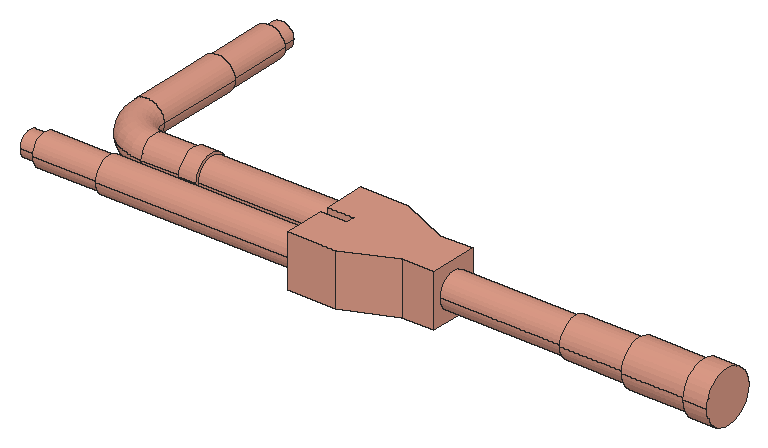
Revit family "outputfile", category 配管付属品, Revit 2024
Family settings
  丸型コネクタ寸法 = 半径を使用
  パーツ タイプ = 標準
  OmniClass 番号 = 23.65.55.00
  OmniClass タイトル = Distribution of Supplied Liquids/Gases
  作業面ベース = いいえ
  常に垂直 = はい
  ロード時にボイドで切り取り = いいえ
  共有 = いいえ
Parameters (values of type "BHFP22MA56")
  Description = ""
  製造元 = "Daikin"
  書き出し IFC クラス(タイプ) = "IfcPipeFittingType"
  Default Elevation = 0.0 mm
  定義済み IFC タイプ(タイプ) = "JUNCTION"
  Cost = 0
  モデル = "BHFP22MA56"
  Type Comments = ""
  Keynote = ""
  Type Image = (empty or 0)
  Assembly Code = ""
  table_PipeToCU_B [instance] = if(mm⇔inch, "Multi Module Kit_BHFP22MA-_Liquid_PipeToCU_B", "Multi Module Kit_BHFP22MA-_Liquid_PipeToCU_B_inch")  # "Multi Module Kit_BHFP22MA-_Liquid_PipeToCU_B"
  table_PipeToCU_A [instance] = if(mm⇔inch, "Multi Module Kit_BHFP22MA-_Liquid_PipeToCU_A", "Multi Module Kit_BHFP22MA-_Liquid_PipeToCU_A_inch")  # "Multi Module Kit_BHFP22MA-_Liquid_PipeToCU_A"
  table_ToMainPipe [instance] = if(mm⇔inch, "Multi Module Kit_BHFP22MA-_Liquid_ToMainPipe", "Multi Module Kit_BHFP22MA-_Liquid_ToMainPipe_inch")  # "Multi Module Kit_BHFP22MA-_Liquid_ToMainPipe"
  switch_ToMainPipe3 [instance] = if(number_ToMainPipe < 3, 1 = 0, 1 = 1)  # yes
  switch_PipeToCU_B Reducer [instance] = if(and(Is_PipeToCU_B Reducer = 1, judge_IsOffsetPipe_ToOutdoorUnitB = 0), 1 = 1, 1 = 0)  # no
  switch_PipeToCU_B4 [instance] = if(number_PipeToCU_B < 4, 1 = 0, 1 = 1)  # no
  switch_PipeToCU_B3 [instance] = if(number_PipeToCU_B < 3, 1 = 0, 1 = 1)  # no
  switch_PipeToCU_B2 [instance] = if(number_PipeToCU_B < 2, 1 = 0, 1 = 1)  # yes
  switch_PipeToCU_A Reducer [instance] = if(Is_PipeToCU_A Reducer = 1, 1 = 1, 1 = 0)  # yes
  switch_ToMainPipe Reducer [instance] = if(Is_ToMainPipe Reducer = 1, 1 = 1, 1 = 0)  # no
  switch_ToMainPipe2 [instance] = if(number_ToMainPipe < 2, 1 = 0, 1 = 1)  # yes
  r_PipeToCU_B_ActualDiameter [instance] = PipeToCU_B_Liquid_ActualDiameter / 2  # 4.75 mm
  r_PipeToCU_A_ActualDiameter [instance] = PipeToCU_A_Liquid_ActualDiameter / 2  # 4.75 mm
  r_ToMainPipe_ActualDiameter [instance] = ToMainPipe_Liquid_ActualDiameter / 2  # 11.1 mm
  number_PipeToCU_B ReducerPipe [instance] = size_lookup(table_PipeToCU_B, "reducerPipeNumber", 0, モデル, judge_IsOffsetPipe_ToOutdoorUnitB, PipeToCU_B_Liquid_ActualDiameter)  # 0
  number_PipeToCU_B [instance] = size_lookup(table_PipeToCU_B, "pipeNumber", 2, モデル, judge_IsOffsetPipe_ToOutdoorUnitB, PipeToCU_B_Liquid_ActualDiameter)  # 2
  number_PipeToCU_A ReducerPipe [instance] = size_lookup(table_PipeToCU_A, "reducerPipeNumber", 3, モデル, PipeToCU_A_Liquid_ActualDiameter)  # 3
  number_ToMainPipe [instance] = size_lookup(table_ToMainPipe, "pipeNumber", 3, モデル, ToMainPipe_Liquid_ActualDiameter)  # 3
  mm⇔inch [instance] = yes
  l_ToMainPipe3 [instance] = size_lookup(table_ToMainPipe, "L_Pipe3", 11.0 mm, モデル)  # 11.0 mm
  judge_IsOffsetPipe_ToOutdoorUnitB [instance] = 0  # constant formula
  Unit Type = "BHFP22MA-_Liquid"
  Uniclass2015Version = "Products v1.31"
  Uniclass2015Title = "Copper pipe fittings"
  Uniclass2015Code = "Pr_65_52_63_18"
  URL = ""
  ToMainPipe_Liquid_Status [instance] = size_lookup(table_ToMainPipe, "Information", "The connected pipe size is not available.", モデル, ToMainPipe_Liquid_ActualDiameter)  # "Default connector size is used."
  ToMainPipe_Liquid_ActualDiameter [instance] = 22.2 mm
  Tag No. [instance] = ""
  Series = "Multi Module kit"
  PipeToCU_B_Liquid_Status [instance] = size_lookup(table_PipeToCU_B, "Information", "The connected pipe size is not available.", モデル, judge_IsOffsetPipe_ToOutdoorUnitB, PipeToCU_B_Liquid_ActualDiameter)  # "Default connector size is used."
  PipeToCU_B_Liquid_ActualDiameter [instance] = 9.5 mm
  PipeToCU_A_Liquid_Status [instance] = size_lookup(table_PipeToCU_A, "Information", "The connected pipe size is not available.", モデル, PipeToCU_A_Liquid_ActualDiameter)  # "Reducer is used at connector."
  PipeToCU_A_Liquid_ActualDiameter [instance] = 9.5 mm
  O.D_PipeToCU_B Reducer [instance] = size_lookup(table_PipeToCU_B, "O.D_reducer", 2.0 mm, モデル, judge_IsOffsetPipe_ToOutdoorUnitB, PipeToCU_B_Liquid_ActualDiameter)  # 2.0 mm
  Material_Piping = DAIKIN_Copper_Pipe
  Material_Insulation = DAIKIN_White_Insulation
  location_PipeToCU_A connector [instance] = size_lookup(table_PipeToCU_A, "Locationconnector", 107.0 mm, モデル, PipeToCU_A_Liquid_ActualDiameter)  # 107.0 mm
  l_PipeToCU_B connector [instance] = size_lookup(table_PipeToCU_B, "Length", 128.0 mm, モデル, judge_IsOffsetPipe_ToOutdoorUnitB, PipeToCU_B_Liquid_ActualDiameter)  # 128.0 mm
  l_PipeToCU_B Reducer [instance] = 80.0 mm  # constant formula
  l_PipeToCU_B4 [instance] = size_lookup(table_PipeToCU_B, "L_Pipe4", 2.0 mm, モデル)  # 2.0 mm
  l_PipeToCU_B3 [instance] = size_lookup(table_PipeToCU_B, "L_Pipe3", 2.0 mm, モデル)  # 2.0 mm
  l_PipeToCU_B2 [instance] = size_lookup(table_PipeToCU_B, "L_Pipe2", 7.0 mm, モデル)  # 7.0 mm
  l_PipeToCU_B1 [instance] = size_lookup(table_PipeToCU_B, "L_Pipe1", 30.0 mm, モデル)  # 30.0 mm
  l_PipeToCU_B0 [instance] = size_lookup(table_PipeToCU_B, "L_Pipe0", 91.0 mm, モデル)  # 91.0 mm
  l_PipeToCU_A connector [instance] = size_lookup(table_PipeToCU_A, "Length", 97.0 mm, モデル, PipeToCU_A_Liquid_ActualDiameter)  # 97.0 mm
  l_PipeToCU_A1 [instance] = size_lookup(table_PipeToCU_A, "L_Pipe1", 8.0 mm, モデル)  # 8.0 mm
  l_PipeToCU_A0 [instance] = size_lookup(table_PipeToCU_A, "L_Pipe0", 62.0 mm, モデル)  # 62.0 mm
  l_ToMainPipe connector [instance] = size_lookup(table_ToMainPipe, "Length", 128.0 mm, モデル, ToMainPipe_Liquid_ActualDiameter)  # 128.0 mm
  l_ToMainPipe Reducer [instance] = size_lookup(table_ToMainPipe, "L_Reducer", 2.0 mm, モデル, ToMainPipe_Liquid_ActualDiameter)  # 2.0 mm
  l_ToMainPipe2 [instance] = size_lookup(table_ToMainPipe, "L_Pipe2", 30.0 mm, モデル)  # 30.0 mm
  l_ToMainPipe1 [instance] = size_lookup(table_ToMainPipe, "L_Pipe1", 30.0 mm, モデル)  # 30.0 mm
  l_ToMainPipe0 [instance] = size_lookup(table_ToMainPipe, "L_Pipe0", 57.0 mm, モデル)  # 57.0 mm
  judge_JointType(1or2) = 2
  count_PipeToCU_B Reducer [instance] = 0  # constant formula
  count_PipeToCU_A Reducer [instance] = size_lookup(table_PipeToCU_A, "reducerCount", 1, モデル, PipeToCU_A_Liquid_ActualDiameter)  # 1
  angle_PipeToCU_A Pipe [instance] = if([RotateBranchPipetoCU_A_-90°], 270.00°, 0.00°)  # 0.00°
  angle_PipeToCU_A Connector [instance] = angle_PipeToCU_A Pipe + 90.00°  # 90.00°
  PipeToCU_B_Liquid_AvailableDiameter [instance] = size_lookup(table_PipeToCU_B, "sizeVariation", "", モデル, judge_IsOffsetPipe_ToOutdoorUnitB)  # "9.5/12.7mm"
  PipeToCU_A_Liquid_AvailableDiameter [instance] = size_lookup(table_PipeToCU_A, "sizeVariation", "", モデル)  # "9.5/12.7mm"
  ToMainPipe_Liquid_AvailableDiameter [instance] = size_lookup(table_ToMainPipe, "sizeVariation", "", モデル)  # "15.9/19.1/22.2mm"
  RotateBranchPipetoCU_A_-90° [instance] = no
  O.D_ToMainPipe Reducer [instance] = size_lookup(table_ToMainPipe, "O.D_reducer", 2.0 mm, モデル, ToMainPipe_Liquid_ActualDiameter)  # 2.0 mm
  Link_Nested Family [instance] = ""
  Is_PipeToCU_B Reducer [instance] = size_lookup(table_PipeToCU_B, "IsReducer", 0, モデル, judge_IsOffsetPipe_ToOutdoorUnitB, PipeToCU_B_Liquid_ActualDiameter)  # 0
  Is_PipeToCU_A Reducer [instance] = size_lookup(table_PipeToCU_A, "IsReducer", 1, モデル, PipeToCU_A_Liquid_ActualDiameter)  # 1
  Is_ToMainPipe Reducer [instance] = size_lookup(table_ToMainPipe, "IsReducer", 0, モデル, ToMainPipe_Liquid_ActualDiameter)  # 0
  IfcVersion = ""
  IfcExportType = "JUNCTION"
  IfcExportAs = "IfcPipeFittingType"
  I.D_ToMainPipe3 [instance] = size_lookup(table_ToMainPipe, "I.D_PipeSize3", 22.2 mm, モデル)  # 22.2 mm
  I.D_PipeToCU_B Reducer [instance] = size_lookup(table_PipeToCU_B, "I.D_reducer", 2.0 mm, モデル, judge_IsOffsetPipe_ToOutdoorUnitB, PipeToCU_B_Liquid_ActualDiameter)  # 2.0 mm
  Attach_Insulation [instance] = no
  I.D_PipeToCU_B4 [instance] = size_lookup(table_PipeToCU_B, "I.D_PipeSize4", 2.0 mm, モデル)  # 2.0 mm
  I.D_PipeToCU_B3 [instance] = size_lookup(table_PipeToCU_B, "I.D_PipeSize3", 2.0 mm, モデル)  # 2.0 mm
  I.D_PipeToCU_B2 [instance] = size_lookup(table_PipeToCU_B, "I.D_PipeSize2", 9.5 mm, モデル)  # 9.5 mm
  I.D_PipeToCU_B1 [instance] = size_lookup(table_PipeToCU_B, "I.D_PipeSize1", 12.7 mm, モデル)  # 12.7 mm
  I.D_PipeToCU_B0 [instance] = size_lookup(table_PipeToCU_B, "I.D_PipeSize0", 13.9 mm, モデル)  # 13.9 mm
  I.D_PipeToCU_A1 [instance] = 15.5 mm  # constant formula
  I.D_PipeToCU_A0 [instance] = 13.9 mm  # constant formula
  I.D_ToMainPipe Reducer [instance] = size_lookup(table_ToMainPipe, "I.D_reducer", 2.0 mm, モデル, ToMainPipe_Liquid_ActualDiameter)  # 2.0 mm
  I.D_ToMainPipe2 [instance] = size_lookup(table_ToMainPipe, "I.D_PipeSize2", 19.1 mm, モデル)  # 19.1 mm
  I.D_ToMainPipe1 [instance] = size_lookup(table_ToMainPipe, "I.D_PipeSize1", 15.9 mm, モデル)  # 15.9 mm
  I.D_ToMainPipe0 [instance] = size_lookup(table_ToMainPipe, "I.D_PipeSize0", 13.9 mm, モデル)  # 13.9 mm
Reference planes
  plane 1 "Center (Front/Back)": y = 0
  plane 2: z = 0
  plane 3 "pipe2": x = 225.65
  plane 4: x = 195.65
  plane 5: x = 165.65
  plane 6: x = 108.65
  plane 7: x = 48.65
  plane 8: x = -21.35
  plane 9: x = -42.35
  plane 10: x = -72.35
  plane 11: x = -79.35
  plane 12: x = -81.35
  plane 13: x = -83.35
  plane 14 "offset_center": y = 11.5
  plane 15: y = -11.5
  plane 16: x = -13.35
  plane 17: x = 158.65
  plane 18 "ToMainPipe_connector": x = 236.65
  plane 19 "connector_OutdoorunitA": x = -58.35
  plane 20 "connector_ToOutdoorUnitB": x = -104.35
  plane 21 "pipe3": x = 236.65
  plane 22 "connector_PipeToCU_B": x = -79.35
Forms (mm)
  Extrusion 1, solid, material "DAIKIN_Copper_Pipe" <- "Material_Piping"
    sketch origin (0, 0, 0) x (1, 0, 0) y (0, 1, 0)
      loop
        line (48.65, 1.998) -> (60.65, 1.998) -> (60.65, -1.998) -> (48.65, -1.998) -> (48.65, -21.2) -> (70.801, -21.2) -> (93.65, -11.3) -> (108.65, -11.3) -> (108.65, 11.3) -> (93.65, 11.3) -> (70.801, 21.2) -> (48.65, 21.2) -> (48.65, 1.998)
    from -12.2 to 12.2
Dimensions and locks
  locked: plane 6 to plane 17 at 50
  "l_PipeToCU_A1": plane 8 to plane 16
  "l_PipeToCU_B1": plane 10 to plane 9
  "l_PipeToCU_B2": plane 11 to plane 10
  "l_PipeToCU_B3": plane 12 to plane 11
  "l_PipeToCU_B4": plane 13 to plane 12
  locked: plane 7 to plane 6 at 60
  "l_ToMainPipe1": plane 5 to plane 4
  "l_ToMainPipe2": plane 4 to plane 3 "pipe2"
  "l_ToMainPipe0": plane 6 to plane 5
  "l_ToMainPipe connector": plane 6 to plane 18 "ToMainPipe_connector"
  plane 14 "offset_center" to plane 1 "Center (Front/Back)" to plane 15 = 11.5 mm locked, 11.5 mm locked
  locked: plane 1 "Center (Front/Back)" to Extrusion 1 sketch curve at 11.3  (x2)
  locked: Extrusion 1 sketch curve to plane 1 "Center (Front/Back)" at 21.2
  locked: plane 1 "Center (Front/Back)" to Extrusion 1 sketch curve at 21.2
  "l_PipeToCU_A0": plane 16 to plane 7
  "location_PipeToCU_A connector": plane 19 "connector_OutdoorunitA" to plane 7
  "l_PipeToCU_B0": plane 9 to plane 7
  "l_ToMainPipe3": plane 3 "pipe2" to plane 21 "pipe3"
  "l_PipeToCU_B connector": plane 22 "connector_PipeToCU_B" to plane 7
  aligned and locked: level to plane 2
  aligned and locked: plane 2 to nested 1
  aligned and locked: plane 1 "Center (Front/Back)" to nested 1
  aligned and locked: plane 3 "pipe2" to nested 1
  aligned and locked: plane 4 to nested 1
  aligned and locked: plane 4 to nested 2
  aligned and locked: plane 5 to nested 2
  aligned and locked: plane 5 to nested 3
  aligned and locked: plane 6 to nested 3
  aligned and locked: plane 6 to Extrusion 1
  aligned and locked: Extrusion 1 to plane 7  (x2)
  aligned and locked: plane 7 to nested 4
  aligned and locked: plane 8 to nested 5
  aligned and locked: plane 16 to nested 5
  aligned and locked: nested 5 to plane 14 "offset_center"
  aligned and locked: nested 6 to plane 15
  aligned and locked: plane 7 to nested 6
  aligned and locked: plane 9 to nested 6
  aligned and locked: plane 10 to nested 7
  aligned and locked: plane 9 to nested 7
  aligned and locked: plane 11 to nested 8
  aligned and locked: plane 10 to nested 8
  aligned and locked: plane 12 to nested 9
  aligned and locked: plane 11 to nested 9
  aligned and locked: plane 13 to nested 10
  aligned and locked: plane 12 to nested 10
  aligned and locked: nested 10 to plane 15
  aligned and locked: nested 9 to plane 15
  aligned and locked: nested 8 to plane 15
  aligned and locked: nested 7 to plane 15
  aligned and locked: plane 1 "Center (Front/Back)" to nested 11
  aligned and locked: plane 17 to nested 11
  aligned and locked: plane 16 to nested 4
  aligned and locked: nested 12 to plane 14 "offset_center"
  aligned and locked: plane 8 to nested 12
  aligned and locked: plane 1 "Center (Front/Back)" to nested 13
  aligned and locked: plane 18 "ToMainPipe_connector" to nested 13
  aligned and locked: plane 6 to nested 14
  aligned and locked: plane 1 "Center (Front/Back)" to nested 3
  aligned and locked: plane 14 "offset_center" to nested 15
  aligned and locked: nested 15 to plane 19 "connector_OutdoorunitA"
  aligned and locked: nested 16 to plane 7
  aligned and locked: nested 4 to plane 14 "offset_center"
  aligned and locked: plane 3 "pipe2" to nested 17
  aligned and locked: plane 21 "pipe3" to nested 17
  aligned and locked: nested 16 to plane 15
  aligned and locked: nested 18 to plane 22 "connector_PipeToCU_B"
  aligned and locked: plane 15 to nested 18
Automatic sketch dimensions
  Extrusion 1 sketch curve to plane 7 = 0.0 mm  (x2)
  Extrusion 1 sketch curve to plane 6 = 0.0 mm
  Extrusion 1 sketch curve to plane 1 "Center (Front/Back)" = 1.998 mm
  plane 7 to Extrusion 1 sketch curve = 12.0 mm
  Extrusion 1 sketch curve to Extrusion 1 sketch curve = 10.151 mm  (x2)
  Extrusion 1 sketch curve to Extrusion 1 sketch curve = 15.0 mm  (x2)
  plane 1 "Center (Front/Back)" to Extrusion 1 sketch curve = 1.998 mm
Nested families
  nested 1: "daikin_Pipe" at (210.65, 0, 0), I.D_Pipe <- "I.D_ToMainPipe2", display <- "switch_ToMainPipe2", type "*"
    with length_Pipe 30.0 mm, display yes, O.D_Pipe 21.1 mm, I.D_Pipe 19.1 mm
  nested 2: "daikin_Pipe" at (180.65, 0, 0), I.D_Pipe <- "I.D_ToMainPipe1", type "*"
    with length_Pipe 30.0 mm, display yes, O.D_Pipe 17.9 mm, I.D_Pipe 15.9 mm
  nested 3: "daikin_Pipe" at (137.15, 0, 0), I.D_Pipe <- "I.D_ToMainPipe0", type "*"
    with length_Pipe 57.0 mm, display yes, O.D_Pipe 15.9 mm, I.D_Pipe 13.9 mm
  nested 4: "daikin_Pipe" at (17.65, 11.5, 0), I.D_Pipe <- "I.D_PipeToCU_A0", type "*"
    with length_Pipe 62.0 mm, display yes, O.D_Pipe 15.9 mm, I.D_Pipe 13.9 mm
  nested 5: "daikin_Pipe" at (-17.35, 11.5, 0), I.D_Pipe <- "I.D_PipeToCU_A1", type "*"
    with length_Pipe 8.0 mm, display yes, O.D_Pipe 17.5 mm, I.D_Pipe 15.5 mm
  nested 6: "daikin_Pipe" at (3.15, -11.5, 0), I.D_Pipe <- "I.D_PipeToCU_B0", type "*"
    with length_Pipe 91.0 mm, display yes, O.D_Pipe 15.9 mm, I.D_Pipe 13.9 mm
  nested 7: "daikin_Pipe" at (-57.35, -11.5, 0), I.D_Pipe <- "I.D_PipeToCU_B1", type "*"
    with length_Pipe 30.0 mm, display yes, O.D_Pipe 14.7 mm, I.D_Pipe 12.7 mm
  nested 8: "daikin_Pipe" at (-75.85, -11.5, 0), I.D_Pipe <- "I.D_PipeToCU_B2", display <- "switch_PipeToCU_B2", type "*"
    with length_Pipe 7.0 mm, display yes, O.D_Pipe 11.5 mm, I.D_Pipe 9.5 mm
  nested 9: "daikin_Pipe" at (-80.35, -11.5, 0), display <- "switch_PipeToCU_B3", I.D_Pipe <- "I.D_PipeToCU_B3", visible <- "switch_PipeToCU_B3", type "*"
    with length_Pipe 2.0 mm, display no, O.D_Pipe 4.0 mm, I.D_Pipe 2.0 mm
  nested 10: "daikin_Pipe" at (-82.35, -11.5, 0), display <- "switch_PipeToCU_B4", I.D_Pipe <- "I.D_PipeToCU_B4", visible <- "switch_PipeToCU_B4", type "*"
    with length_Pipe 2.0 mm, display no, O.D_Pipe 4.0 mm, I.D_Pipe 2.0 mm
  nested 11: "daikin_MultiModeluKit_Insulation" at (158.65, 0, 0), display <- "Attach_Insulation", type "*"
    with h 54.2 mm, display no, I.D_Outlet PipeSize 22.2 mm
  nested 12: "daikin_Multi Module kit_Reducer90_rotate" at (-21.35, 11.5, 0), number_reducerPipe <- "number_PipeToCU_A ReducerPipe", angle_Pipe <- "angle_PipeToCU_A Pipe", I.D_Pipe <- "PipeToCU_A_Liquid_ActualDiameter", count_Reducer <- "count_PipeToCU_A Reducer", type "*"
    with number_reducerPipe 3, display_Pipe2 yes, display_Pipe1 yes, count_Reducer 1, angle_Pipe 0.00°, I.D_Pipe 9.5 mm
  nested 13: "daikin_Pipe_reducer" at (235.65, 0, 0), I.D_Pipe1 <- "I.D_ToMainPipe Reducer", O.D_Pipe2 <- "O.D_ToMainPipe Reducer", length_Pipe <- "l_ToMainPipe Reducer", display <- "switch_ToMainPipe Reducer", type "*"
    with length_Pipe 2.0 mm, display no, O.D_Pipe2 2.0 mm, O.D_Pipe1 4.0 mm, I.D_Pipe2 0.0 mm, I.D_Pipe1 2.0 mm
  nested 14: "daikin_connector_rotate3" at (108.65, 0, 0) x (0, 1, 0) z (0, 0, 1), length <- "l_ToMainPipe connector", type "daikin_connector_rotate3"
    with radius 10.0 mm, length 128.0 mm, angle_vertical 90.00°, angle_horizontal 0.00°
  nested 15: "daikin_connector_rotate3" at (-58.35, 11.5, 0) x (-1, 0, 0) z (0, 0, 1), length <- "l_PipeToCU_A connector", angle_vertical <- "angle_PipeToCU_A Connector", type "daikin_connector_rotate3"
    with radius 10.0 mm, length 97.0 mm, angle_vertical 90.00°, angle_horizontal 0.00°
  nested 16: "daikin_connector_rotate3" at (48.65, -11.5, 0) x (0, -1, 0) z (0, 0, 1), length <- "l_PipeToCU_B connector", type "daikin_connector_rotate3"
    with radius 10.0 mm, length 128.0 mm, angle_vertical 90.00°, angle_horizontal 0.00°
  nested 17: "daikin_Pipe" at (231.15, 0, 0), display <- "switch_ToMainPipe3", I.D_Pipe <- "I.D_ToMainPipe3", type "*"
    with length_Pipe 11.0 mm, display yes, O.D_Pipe 24.2 mm, I.D_Pipe 22.2 mm
  nested 18: "daikin_Pipe_reducer" at (-39.35, -11.5, 0) x (-1, 0, 0) z (0, 0, 1), length_Pipe <- "l_PipeToCU_B Reducer", I.D_Pipe1 <- "I.D_PipeToCU_B Reducer", O.D_Pipe2 <- "O.D_PipeToCU_B Reducer", display <- "switch_PipeToCU_B Reducer", type "*"
    with length_Pipe 80.0 mm, display no, O.D_Pipe2 2.0 mm, O.D_Pipe1 4.0 mm, I.D_Pipe2 0.0 mm, I.D_Pipe1 2.0 mm
Connectors
  piping at (236.65, 0, 0), diameter 22.2, driven by "r_ToMainPipe_ActualDiameter"
    settings: on nested 14, index 1, connector inside diameter 609.6 mm, connector length 0.0 mm, flow factor 0, pipe flow 0.00 m³/h, pressure drop 0.0 Pa, fitting loss kfactor 0, connector angle 0.00°, fixture units 0, engagement length 0.0 mm, angle of deflection 0.00°, flow configuration 0, flow direction 2, fitting loss method 0, system type 29, joint type 0, gender type 0, connector reference index -1, connector utility 0, adjustable connector no, is connector primary yes, connector description "Multi Module kit_to Main Pipe_Liquid"
  piping at (-58.35, 108.5, 0), diameter 9.5, driven by "r_PipeToCU_A_ActualDiameter"
    settings: on nested 15, index 2, connector inside diameter 609.6 mm, connector length 0.0 mm, flow factor 0, pipe flow 0.00 m³/h, pressure drop 0.0 Pa, fitting loss kfactor 0, connector angle 0.00°, fixture units 0, engagement length 0.0 mm, angle of deflection 0.00°, flow configuration 0, flow direction 1, fitting loss method 0, system type 29, joint type 0, gender type 0, connector reference index -1, connector utility 0, adjustable connector no, is connector primary no, connector description "Multi Module kit_Piping to CU-A_Liquid"
  piping at (-79.35, -11.5, 0), diameter 9.5, driven by "r_PipeToCU_B_ActualDiameter"
    settings: on nested 16, index 3, connector inside diameter 609.6 mm, connector length 0.0 mm, flow factor 0, pipe flow 0.00 m³/h, pressure drop 0.0 Pa, fitting loss kfactor 0, connector angle 0.00°, fixture units 0, engagement length 0.0 mm, angle of deflection 0.00°, flow configuration 0, flow direction 1, fitting loss method 0, system type 29, joint type 0, gender type 0, connector reference index -1, connector utility 0, adjustable connector no, is connector primary no, connector description "Multi Module kit_Piping to CU-B_Liquid"
Definition of nested family "daikin_Pipe"
  Parameters (values of type "*")
    Default Elevation = 0.0 mm
    material = none
    length_Pipe [instance] = 150.0 mm
    display [instance] = yes
    O.D_Pipe [instance] = I.D_Pipe + 2.0 mm  # 27.0 mm
    I.D_Pipe [instance] = 25.0 mm
  Reference planes
    plane 1 "Center (Front/Back)": y = 0
    plane 2 "center(vertical)": z = 0
    plane 3 "Center (Left/Right)": x = 0
    plane 4 "left": x = -75
    plane 5 "right": x = 75
  Forms (mm)
    Extrusion 1, solid, material <- "material", visible <- "display"
      sketch origin (0, 0, 0) x (0, 1, 0) y (0, 0, 1)
        loop
          circle (0, 0) r 13.5
      from -75 to 75
  Dimensions and locks
    equal spacing: plane 4 "left", plane 3 "Center (Left/Right)", plane 5 "right"
    "length_Pipe": plane 4 "left" to plane 5 "right"
    "O.D_Pipe": diameter of Extrusion 1 sketch curve
    aligned and locked: level to plane 2 "center(vertical)"
    aligned and locked: plane 2 "center(vertical)" to Extrusion 1 sketch curve
    aligned and locked: plane 1 "Center (Front/Back)" to Extrusion 1 sketch curve
    aligned and locked: plane 5 "right" to Extrusion 1
    aligned and locked: Extrusion 1 to plane 4 "left"
Definition of nested family "daikin_Multi Module kit_Reducer90_rotate"
  Parameters (values of type "*")
    Default Elevation = 0.0 mm
    number_reducerPipe [instance] = 4
    material_Pipe = none
    display_Pipe2 [instance] = if(number_reducerPipe < 3, 1 = 0, 1 = 1)  # yes
    display_Pipe1 [instance] = if(number_reducerPipe < 2, 1 = 0, 1 = 1)  # yes
    count_Reducer [instance] = 0
    angle_Pipe [instance] = 30.00°
    I.D_Pipe [instance] = 0.0 mm
  Reference planes
    plane 1 "Center (Front/Back)": y = 0
    plane 2: z = 0
    plane 3 "Center (Left/Right)": x = 0
  Dimensions and locks
    "angle_Pipe": angle plane 2 to nested 1
    aligned and locked: level to plane 2
  Nested families
    nested 1: "daikin_Multi Module kit_Reducer90" at (0, 0, 0) x (1, 0, 0) z (0, -0.5, 0.866), display_Pipe2 <- "display_Pipe2", display_Pipe1 <- "display_Pipe1", I.D_connector <- "I.D_Pipe", count_Reducer <- "count_Reducer", type "*"
      with display_Reducer no, display_Pipe2 yes, display_Pipe1 yes, count_Reducer 0, I.D_connector 0.0 mm
  Definition of nested family "daikin_Multi Module kit_Reducer90"
    Parameters (values of type "*")
      Default Elevation = 0.0 mm
      material_Pipe = none
      display_Reducer [instance] = and(I.D_connector = 19.1 mm, count_Reducer = 2)  # no
      display_Pipe2 [instance] = yes
      display_Pipe1 [instance] = yes
      count_Reducer [instance] = 0
      O.D_Pipe2 = 9.5 mm + 2.0 mm  # 11.5 mm
      O.D_Pipe1 = 12.7 mm + 2.0 mm  # 14.7 mm
      O.D_Pipe0 = 15.9 mm  # constant formula
      I.D_connector [instance] = 0.0 mm
    Reference planes
      plane 1 "Center (Front/Back)": y = 0
      plane 2 "center_vertical": z = 0
      plane 3 "Center (Left/Right)": x = 0
      plane 4 "center_toOutdoor": x = -37
      plane 5: y = 60
      plane 6: y = 90
      plane 7: y = 97
    Forms (mm)
      Sweep 1, solid, material <- "material_Pipe"
        path origin (0, 0, 0) x (1, 0, 0) y (0, 1, 0)
          loop
            line (0, 0) -> (-18.241, 0)
            arc (-18.241, 0) -> (-31.506, 5.494) -> (-37, 18.759) r 18.759
            line (-37, 18.759) -> (-37, 60)
        profile origin (-9.12, 0, 0) x (0, -1, 0) y (0, 0, 1)
          loop
            circle (0, 0) r 7.95
      Extrusion 2, solid, material <- "material_Pipe", visible <- "display_Pipe1"
        sketch origin (0, 0, 0) x (1, 0, 0) y (0, 0, 1)
          loop
            circle (-37, 0) r 7.35
        from -90 to -60
      Extrusion 3, solid, material <- "material_Pipe", visible <- "display_Pipe2"
        sketch origin (75, -2.05, 0) x (1, 0, 0) y (0, 0, 1)
          loop
            circle (-112, 0) r 5.75
        from -99.05 to -92.05
    Lines and regions (mm)
      reference lines
        curve 1: line (0, 0, 0) -> (-37, 0, 0)
    Dimensions and locks
      plane 1 "Center (Front/Back)" to plane 5 = 60.0 mm
      plane 6 to plane 5 = 30.0 mm
      plane 7 to plane 6 = 7.0 mm
      plane 4 "center_toOutdoor" to plane 3 "Center (Left/Right)" = 37.0 mm
      "O.D_Pipe2": diameter of Extrusion 3 sketch curve
      "O.D_Pipe0": diameter of Sweep 1 sketch curve
      "O.D_Pipe1": diameter of Extrusion 2 sketch curve
      aligned and locked: level to plane 2 "center_vertical"
      aligned and locked: plane 6 to Extrusion 2
      aligned and locked: Extrusion 2 to plane 5
      aligned and locked: Extrusion 3 to plane 6
      aligned and locked: Sweep 1 sketch curve to plane 1 "Center (Front/Back)"
      aligned and locked: plane 3 "Center (Left/Right)" to curve 1
      aligned and locked: curve 1 to plane 1 "Center (Front/Back)"
      aligned and locked: plane 7 to Extrusion 3
      aligned and locked: plane 6 to nested 1
      aligned and locked: plane 4 "center_toOutdoor" to nested 1
    Automatic sketch dimensions
      Sweep 1 sketch curve to plane 4 "center_toOutdoor" = 0.0 mm
      Sweep 1 sketch curve to plane 3 "Center (Left/Right)" = 0.0 mm
      Sweep 1 sketch curve to plane 5 = 0.0 mm
      Sweep 1 sketch curve to plane 3 "Center (Left/Right)" = 18.241 mm
      curve 1 to plane 4 "center_toOutdoor" = 0.0 mm
      Sweep 1 sketch curve to level = 0.0 mm
      Sweep 1 sketch curve to profile plane = 0.0 mm
      Extrusion 2 sketch curve to level = 0.0 mm
      Extrusion 2 sketch curve to plane 4 "center_toOutdoor" = 0.0 mm
      Extrusion 3 sketch curve to level = 0.0 mm
      Extrusion 3 sketch curve to plane 4 "center_toOutdoor" = 0.0 mm
    Nested families
      nested 1: "daikin_Pipe_reducer" at (-37, 130, 0) x (0, 1, 0) z (0, 0, 1), display <- "display_Reducer", type "*"
        with length_Pipe 80.0 mm, display no, O.D_Pipe2 12.7 mm, O.D_Pipe1 21.1 mm, I.D_Pipe2 10.7 mm, I.D_Pipe1 19.1 mm
    Definition of nested family "daikin_Pipe_reducer"
      Parameters (values of type "*")
        Default Elevation = 0.0 mm
        material = none
        length_Pipe [instance] = 250.0 mm
        display [instance] = yes
        O.D_Pipe2 [instance] = 19.1 mm
        O.D_Pipe1 [instance] = I.D_Pipe1 + 2.0 mm  # 24.2 mm
        I.D_Pipe2 [instance] = O.D_Pipe2 - 2.0 mm  # 17.1 mm
        I.D_Pipe1 [instance] = 22.2 mm
      Reference planes
        plane 1 "Center (Front/Back)": y = 0
        plane 2 "center(vertical)": z = 0
        plane 3 "Center (Left/Right)": x = 0
        plane 4 "connection": x = -125
        plane 5 "right": x = 113
        plane 6: x = 125
      Forms (mm)
        Extrusion 1, solid, material <- "material", visible <- "display"
          sketch origin (0, 0, 0) x (0, 1, 0) y (0, 0, 1)
            loop
              circle (0, 0) r 9.55
          from -125 to 113
        Extrusion 2, solid, material <- "material", visible <- "display"
          sketch origin (0, 0, 0) x (0, 1, 0) y (0, 0, 1)
            loop
              circle (0, 0) r 12.1
          from 113 to 125
      Dimensions and locks
        locked: plane 5 "right" to plane 6 at 12
        "length_Pipe": plane 4 "connection" to plane 6
        equal spacing: plane 4 "connection", plane 3 "Center (Left/Right)", plane 6
        "O.D_Pipe2": diameter of Extrusion 1 sketch curve
        "O.D_Pipe1": diameter of Extrusion 2 sketch curve
        aligned and locked: level to plane 2 "center(vertical)"
        aligned and locked: plane 2 "center(vertical)" to Extrusion 1 sketch curve
        aligned and locked: plane 1 "Center (Front/Back)" to Extrusion 1 sketch curve
        aligned and locked: plane 5 "right" to Extrusion 1
        aligned and locked: Extrusion 1 to plane 4 "connection"
        aligned and locked: plane 2 "center(vertical)" to Extrusion 2 sketch curve
        aligned and locked: plane 1 "Center (Front/Back)" to Extrusion 2 sketch curve
        aligned and locked: Extrusion 2 to plane 5 "right"
        aligned and locked: plane 6 to Extrusion 2
Definition of nested family "daikin_MultiModeluKit_Insulation"
  Parameters (values of type "*")
    Default Elevation = 0.0 mm
    Model = ""
    material = none
    h [instance] = (I.D_Outlet PipeSize + 2.0 mm) + 30.0 mm  # 47.0 mm
    display [instance] = yes
    I.D_Outlet PipeSize [instance] = 15.0 mm
  Reference planes
    plane 1 "Center (Front/Back)": y = 0
    plane 2: z = 0
    plane 3 "Left": x = 0
    plane 4 "top": z = 23.5
    plane 5 "bottom": z = -23.5
  Forms (mm)
    Extrusion 1, solid, material <- "material", visible <- "display"
      sketch origin (0, 0, 0) x (1, 0, 0) y (0, 1, 0)
        loop
          line (0, -22.3) -> (0, 22.3) -> (-101, 45.79) -> (-187, 45.79) -> (-187, 6.128) -> (-257, 10) -> (-257, -45.79) -> (-101, -45.79) -> (0, -22.3)
      from -23.5 to 23.5
  Dimensions and locks
    equal spacing: plane 4 "top", plane 2, plane 5 "bottom"
    "h": plane 4 "top" to plane 5 "bottom"
    equal spacing: Extrusion 1 sketch curve, plane 1 "Center (Front/Back)", Extrusion 1 sketch curve
    locked: Extrusion 1 sketch curve to plane 3 "Left" at 101  (x2)
    locked: Extrusion 1 sketch curve to plane 3 "Left" at 187
    locked: Extrusion 1 sketch curve to plane 3 "Left" at 257
    aligned and locked: level to plane 2
    aligned and locked: plane 3 "Left" to Extrusion 1
    aligned and locked: Extrusion 1 to plane 5 "bottom"
    aligned and locked: plane 4 "top" to Extrusion 1
  Automatic sketch dimensions
    Extrusion 1 sketch curve to plane 3 "Left" = 0.0 mm
    plane 1 "Center (Front/Back)" to Extrusion 1 sketch curve = 45.79 mm
    plane 1 "Center (Front/Back)" to Extrusion 1 sketch curve = 22.3 mm
    Extrusion 1 sketch curve to plane 1 "Center (Front/Back)" = 45.79 mm
    Extrusion 1 sketch curve to plane 1 "Center (Front/Back)" = 10.0 mm
    Extrusion 1 sketch curve to plane 1 "Center (Front/Back)" = 6.128 mm
Definition of nested family "daikin_Pipe_reducer"
  Parameters (values of type "*")
    Default Elevation = 0.0 mm
    material = none
    length_Pipe [instance] = 250.0 mm
    display [instance] = yes
    O.D_Pipe2 [instance] = 19.1 mm
    O.D_Pipe1 [instance] = I.D_Pipe1 + 2.0 mm  # 24.2 mm
    I.D_Pipe2 [instance] = O.D_Pipe2 - 2.0 mm  # 17.1 mm
    I.D_Pipe1 [instance] = 22.2 mm
  Reference planes
    plane 1 "Center (Front/Back)": y = 0
    plane 2 "center(vertical)": z = 0
    plane 3 "Center (Left/Right)": x = 0
    plane 4 "connection": x = -125
    plane 5 "right": x = 113
    plane 6: x = 125
  Forms (mm)
    Extrusion 1, solid, material <- "material", visible <- "display"
      sketch origin (0, 0, 0) x (0, 1, 0) y (0, 0, 1)
        loop
          circle (0, 0) r 9.55
      from -125 to 113
    Extrusion 2, solid, material <- "material", visible <- "display"
      sketch origin (0, 0, 0) x (0, 1, 0) y (0, 0, 1)
        loop
          circle (0, 0) r 12.1
      from 113 to 125
  Dimensions and locks
    locked: plane 5 "right" to plane 6 at 12
    "length_Pipe": plane 4 "connection" to plane 6
    equal spacing: plane 4 "connection", plane 3 "Center (Left/Right)", plane 6
    "O.D_Pipe2": diameter of Extrusion 1 sketch curve
    "O.D_Pipe1": diameter of Extrusion 2 sketch curve
    aligned and locked: level to plane 2 "center(vertical)"
    aligned and locked: plane 2 "center(vertical)" to Extrusion 1 sketch curve
    aligned and locked: plane 1 "Center (Front/Back)" to Extrusion 1 sketch curve
    aligned and locked: plane 5 "right" to Extrusion 1
    aligned and locked: Extrusion 1 to plane 4 "connection"
    aligned and locked: plane 2 "center(vertical)" to Extrusion 2 sketch curve
    aligned and locked: plane 1 "Center (Front/Back)" to Extrusion 2 sketch curve
    aligned and locked: Extrusion 2 to plane 5 "right"
    aligned and locked: plane 6 to Extrusion 2
Definition of nested family "daikin_connector_rotate3"
  Parameters (values of type "daikin_connector_rotate3")
    Default Elevation = 1219.2 mm
    show_face = no
    show_circle = no
    radius [instance] = 10.0 mm
    length [instance] = 600.0 mm
    angle_horizontal [instance] = 60.00°
    angle_vertical [instance] = 90.00°
  Reference planes
    plane 1 "Center (Front/Back)": y = 0
    plane 2: z = 0
    plane 3 "Center (Left/Right)": x = 0
  Dimensions and locks
    "angle_horizontal": angle plane 3 "Center (Left/Right)" to nested 1
    aligned and locked: level to plane 2
    aligned and locked: plane 1 "Center (Front/Back)" to nested 1  (x2)
    aligned and locked: plane 3 "Center (Left/Right)" to nested 1
  Nested families
    nested 1: "daikin_connector_rotate2" at (0, 0, 0) x (0.5, 0.866, 0) z (0, 0, 1), angle_vertical <- "angle_vertical", length <- "length", radius <- "radius", type "daikin_connector_rotate2"
      with radius 10.0 mm, length 600.0 mm, angle_vertical 90.00°, Default Elevation 0.0 mm, show_circle no
  Definition of nested family "daikin_connector_rotate2"
    Parameters (values of type "daikin_connector_rotate2")
      Default Elevation = 1219.2 mm
      show_face = no
      show_circle = yes
      radius [instance] = 10.0 mm
      length [instance] = 600.0 mm
      d_surface = 10.0 mm
      angle_vertical [instance] = 90.00°
    Reference planes
      plane 1 "Center (Front/Back)": y = 0
      plane 2: z = 0
      plane 3 "Center (Left/Right)": x = 0
    Forms (mm)
      Extrusion 1, solid, visible <- "show_face"
        sketch origin (0, -600, 0) x (1, 0, 0) y (0, 0, 1)
          loop
            circle (0, 0) r 10
        from 0 to -10
    Lines and regions (mm)
      reference lines
        curve 1: line (0, 0, 0) -> (0, -600, 0)
      symbolic lines, visible <- "show_circle"
        curve 2: circle (0, 0, 0) r 5 normal (0, 0, 1)
      model lines, visible <- "show_face"
        curve 3: line (0, 0, 0) -> (0, -600, 0)
    Dimensions and locks
      "length": curve 1 to curve 1
      "length": curve 3 to curve 3
      "d_surface": Extrusion 1 to Extrusion 1
      "radius": radius of Extrusion 1 sketch curve
      "angle_vertical": angle curve 1 to plane 1 "Center (Front/Back)"
      "angle_vertical": angle curve 3 to plane 1 "Center (Front/Back)"
      aligned and locked: level to plane 2
      aligned and locked: plane 1 "Center (Front/Back)" to curve 1
      aligned and locked: plane 2 to curve 1
      aligned and locked: plane 1 "Center (Front/Back)" to curve 2
      aligned and locked: plane 3 "Center (Left/Right)" to curve 2
      aligned and locked: plane 1 "Center (Front/Back)" to curve 3
      aligned and locked: plane 2 to curve 3
      aligned and locked: Extrusion 1 to Extrusion 1
    Automatic sketch dimensions
      Extrusion 1 sketch curve to level = 0.0 mm
      Extrusion 1 sketch curve to plane 3 "Center (Left/Right)" = 0.0 mm
      radius of curve 2 = 5.0 mm
